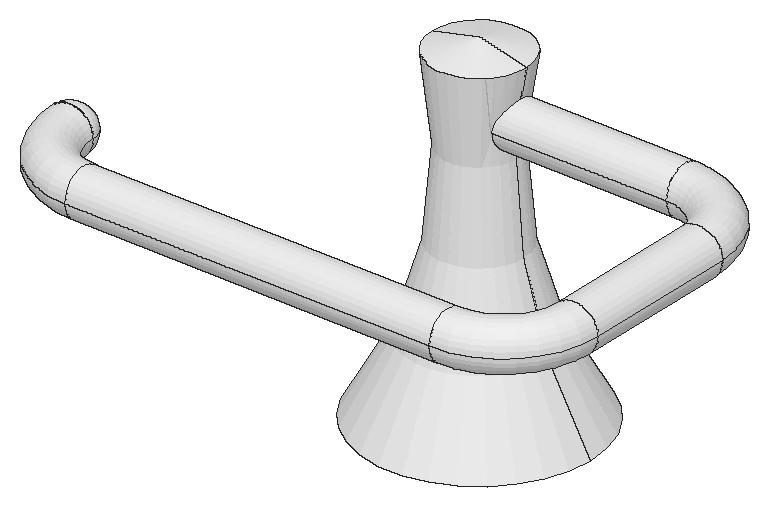
Revit family "Paper-Holder_Transitional_Nexus_YP794_TOTO", category Furniture, host Face, Revit 2013
Parameters
  ecoScorecard_data = " "
  ecoScorecard Product Page = "  "
  Width = 5 7/8"  # constant formula
  Warranty URL = "http://www.totousa.com/warranty-registration"
  Warranty = "Lifetime Limited Warranty (Residential Use), One Year Limited (Commercial Use)"  # constant formula
  URL = "http://www.totousa.com"
  Toto BIM Number = "BM-00004"  # constant formula
  Subcategory = "Accessories"  # constant formula
  Style = "Transitional"  # constant formula
  Spec Sheet URL = "http://assets.totousa.com/product-files/SS-00007_YB794_YP794_YC794_YR794.pdf"
  Shipping Weight = 0.80 lbf
  Series = "Nexus"
  Product Page URL = " "
  Parts Manual URL = " "
  Owners Manual URL = "  "
  Model = "YP794"  # constant formula
  Manufacturer Toll Free Phone = "1-888-295-8134"  # constant formula
  Manufacturer Phone = "(770) 282-8686 "  # constant formula
  Manufacturer Fax = "(770) 282-0002"  # constant formula
  Manufacturer Email = "mailto:custservice@totousa.com "
  Manufacturer Address = "1155 Southern Road, Morrow, Georgia 30260"  # constant formula
  Manufacturer = "TOTO USA, Inc."  # constant formula
  Height = 4 19/32"  # constant formula
  Finish = Metal - TOTO - Chrome - Polished
  Description = "Paper Holder"  # constant formula
  Depth = 3 5/8"  # constant formula
  Default Elevation = 24"  # constant formula
  Cost Info = "mailto:custservice@totousa.com "
  Color Availability = "#CP  Polished Chrome, #BN  Brushed Nickel, #PN  Polished Nickel"  # constant formula
  CAD Drawing URL = "http://assets.totousa.com/product-files/AD-00109_YP794.dxf"
  Assembly Code = "C1030220"
  95 CSI = "10800"
  04 CSI = "10 28 00"
Reference planes (in)
  plane 1 "Center (Front/Back)": y = 0
  plane 2: z = 0
  plane 3 "Center (Left/Right)": x = 0
  plane 4: z = 3.625
  plane 5 "Height": z = 2.9375
  plane 6: y = -3.15625
  plane 7: x = 3.1875
  plane 8: x = 2.9375
  plane 9: x = -2.6875
  plane 10: x = -2.4375
  plane 11: y = -3.40625
  plane 12: y = 1.1875
Lines and regions (in)
  Masking region 1
    outline origin (0, 0, 0) x (1, 0, 0) y (0, 0, 1)
      loop
        arc (-0.5, 3.50394) -> (-0.46347, 3.34663) -> (-0.43587, 3.1875) r 2.86346
        line (-0.43587, 3.1875) -> (-2.4375, 3.1875)
        arc (-2.4375, 3.1875) -> (-2.6875, 2.9375) -> (-2.4375, 2.6875) r 0.25
        line (-2.4375, 2.6875) -> (-0.39534, 2.6875)
        arc (-0.39534, 2.6875) -> (-0.57033, 1.27858) -> (-1.1875, 0) r 4.37252
        line (-1.1875, 0) -> (1.1875, 0)
        arc (1.1875, 0) -> (0.57033, 1.27858) -> (0.39534, 2.6875) r 4.37252
        line (0.39534, 2.6875) -> (2.9375, 2.6875)
        arc (2.9375, 2.6875) -> (3.1875, 2.9375) -> (2.9375, 3.1875) r 0.25
        line (2.9375, 3.1875) -> (0.44107, 3.1875)
        arc (0.44107, 3.1875) -> (0.46644, 3.34649) -> (0.5, 3.50394) r 3.10594
        arc (0.5, 3.50394) -> (0, 3.62626) -> (-0.5, 3.50394) r 1.08312
  symbolic lines
    curve 1: line (-0.44107, 0, 3.1875) -> (-0.39534, 0, 2.6875)
    curve 2: arc (0.44107, 0, 3.1875) -> (0.32699, 0, 2.94584) -> (0.39534, 0, 2.6875) r 0.3898
Dimensions and locks (in)
  "Depth": plane 4 to plane 2
  locked: plane 2 to plane 5 "Height" at 2.9375
  locked: plane 6 to plane 1 "Center (Front/Back)" at 3.15625
  "Height": plane 12 to plane 11
  "Width": plane 9 to plane 7
  Masking region 1 sketch curve to plane 5 "Height" to Masking region 1 sketch curve = 1/4" locked, 1/4" locked  (x2)
  Masking region 1 sketch curve to Masking region 1 sketch curve to plane 4 = 0" locked, 0.12106" locked
  locked: plane 3 "Center (Left/Right)" to plane 8 at 2.9375
  locked: plane 8 to plane 7 at 0.25
  locked: plane 9 to plane 10 at 0.25
  Masking region 1 sketch curve to Masking region 1 sketch curve to plane 3 "Center (Left/Right)" to Masking region 1 sketch curve to Masking region 1 sketch curve = 0.79216" locked, 0.39534" locked, 0.39534" locked, 0.79216" locked
  aligned and locked: plane 2 to host face
  aligned and locked: level to host face
  aligned and locked: plane 1 "Center (Front/Back)" to nested 1
  aligned and locked: plane 3 "Center (Left/Right)" to nested 1
Automatic sketch dimensions
  host sketch curve to host sketch curve = 23.18768"
  host sketch curve to host sketch curve = 23.72028"
  curve 1 to plane 3 "Center (Left/Right)" = 0.44107"
  plane 3 "Center (Left/Right)" to curve 2 = 0.39534"
  curve 2 to plane 5 "Height" = 1/4"
  plane 3 "Center (Left/Right)" to curve 2 = 0.44107"
  plane 5 "Height" to curve 2 = 0.02716"
  curve 2 to curve 2 = 0.27409"
  curve 1 to plane 5 "Height" = 1/4"
  curve 1 to plane 3 "Center (Left/Right)" = 0.39534"
  plane 5 "Height" to curve 1 = 1/4"
  Masking region 1 sketch curve to plane 10 = 0"
  Masking region 1 sketch curve to level = 0"
  Masking region 1 sketch curve to plane 3 "Center (Left/Right)" = 0"
  Masking region 1 sketch curve to plane 8 = 0"
  plane 5 "Height" to Masking region 1 sketch curve = 0.1596"  (x2)
  Masking region 1 sketch curve to plane 9 = 0.58238"
  plane 5 "Height" to Masking region 1 sketch curve = 0.42267"  (x2)
  Masking region 1 sketch curve to plane 3 "Center (Left/Right)" = 1/2"
  Masking region 1 sketch curve to Masking region 1 sketch curve = 0.05893"
  plane 5 "Height" to Masking region 1 sketch curve = 0.39436"
Nested families (in)
  nested 1: "YP794" at (0, 0, 0), type "YP794"
Definition of nested family "YP794"
  Parameters (values of type "YP794")
    Width = 5 7/8"  # constant formula
    URL = ""
    Shipping Weight = 0.80 lbf
    Model = "YP794"  # constant formula
    Manufacturer = ""
    Height = 4 19/32"  # constant formula
    Finish = Metal - TOTO - Chrome - Polished
    Description = "Paper Holder"  # constant formula
    Depth = 3 5/8"  # constant formula
    Default Elevation = 24"  # constant formula
    Assembly Code = ""
  Reference planes (in)
    plane 1 "Center (Front/Back)": y = 0
    plane 2: z = 0
    plane 3 "Center (Left/Right)": x = 0
    plane 4: z = 3.625
    plane 5 "Height": z = 2.9375
    plane 6: y = -3.15625
    plane 7: x = 3.1875
    plane 8: x = 2.9375
    plane 9: x = -2.6875
    plane 10: x = -2.4375
    plane 11: y = -3.40625
    plane 12: y = 1.1875
  Forms (in)
    Extrusion 1, solid
      sketch origin (0, 0, 0) x (1, 0, 0) y (0, 1, 0)
        loop
          line (-11, 11) -> (-11, -12.72028) -> (12.18768, -12.72028) -> (12.18768, 11) -> (-11, 11)
      from 0 to -2
    Revolve 2, solid, material "Metal - TOTO - Chrome - Polished" <- "Finish"
      sketch origin (0, 0, 0) x (1, 0, 0) y (0, 0, 1)
        loop
          line (0, 0) -> (0, 3.62894) -> (-0.5, 3.50394)
          arc (-0.5, 3.50394) -> (-0.4757, 1.67976) -> (-1.1875, 0) r 4.43689
          line (-1.1875, 0) -> (0, 0)
        axis (0, 3.62894) -> (0, 0)
      angle from 0 to 360
    Revolve 3, solid, material "Metal - TOTO - Chrome - Polished"
      sketch origin (0.25, 0, 2.9375) x (1, 0, 0) y (0, 1, 0)
        loop
          line (-2.6875, -2.40625) -> (-2.6875, -2.15625)
          arc (-2.6875, -2.15625) -> (-2.86428, -2.22947) -> (-2.9375, -2.40625) r 0.25
          line (-2.9375, -2.40625) -> (-2.6875, -2.40625)
        axis (-2.6875, -2.40625) -> (-2.6875, -2.15625)
      angle from 0 to 360
    Sweep 4, solid, material "Metal - TOTO - Chrome - Polished" <- "Finish"
      path origin (0, 0, 2.9375) x (0, -1, 0) y (1, 0, 0)
        loop
          line (0, 0) -> (0, 2.1875)
          arc (0, 2.1875) -> (0.21967, 2.71783) -> (0.75, 2.9375) r 0.75
          line (0.75, 2.9375) -> (2.40625, 2.9375)
          arc (2.40625, 2.9375) -> (2.93658, 2.71783) -> (3.15625, 2.1875) r 0.75
          line (3.15625, 2.1875) -> (3.15625, -1.6875)
          arc (3.15625, -1.6875) -> (2.93658, -2.21783) -> (2.40625, -2.4375) r 0.75
      profile origin (1.09375, 0, 2.9375) x (0, 1, 0) y (0, 0, 1)
        loop
          circle (0, 0) r 0.25
  Cuts and joins
    joined: Revolve 2, Sweep 4
  Lines and regions (in)
    symbolic lines
      curve 1: line (-0.44107, 0, 3.1875) -> (-0.39534, 0, 2.6875)
      curve 2: arc (0.44107, 0, 3.1875) -> (0.32699, 0, 2.94584) -> (0.39534, 0, 2.6875) r 0.3898
  Dimensions and locks (in)
    "Depth": plane 4 to plane 2
    locked: Revolve 2 sketch curve to level at 0
    locked: Revolve 2 sketch curve to plane 3 "Center (Left/Right)" at 0
    locked: plane 4 to Revolve 2 sketch curve at 0.12106
    locked: Revolve 2 sketch curve to plane 3 "Center (Left/Right)" at 0.5
    locked: Revolve 2 sketch curve to Revolve 2 sketch curve at 1.1875
    locked: Revolve 2 sketch curve to Revolve 2 sketch curve at 1.625
    locked: plane 2 to plane 5 "Height" at 2.9375
    locked: plane 5 "Height" to Revolve 2 sketch curve at 0.40348
    locked: plane 5 "Height" to Revolve 2 sketch curve at 0.43356
    locked: plane 6 to plane 1 "Center (Front/Back)" at 3.15625
    locked: Sweep 4 sketch curve to plane 5 "Height" at 0
    locked: Sweep 4 sketch curve to profile plane at 0
    equal spacing: Sweep 4 sketch curve, plane 1 "Center (Front/Back)", Sweep 4 sketch curve, locked at 0.25 each
    "Height": plane 12 to plane 11
    "Width": plane 9 to plane 7
    locked: Revolve 3 sketch curve to cut or joined group of Revolve 2, Sweep 4 at 0.25
    locked: Revolve 3 sketch curve to plane 10 at 0.25
    locked: plane 3 "Center (Left/Right)" to plane 8 at 2.9375
    locked: plane 8 to plane 7 at 0.25
    locked: plane 9 to plane 10 at 0.25
    aligned and locked: plane 2 to Extrusion 1
    aligned and locked: level to Extrusion 1
    aligned and locked: Revolve 3 sketch curve to Revolve 3 sketch curve
    aligned and locked: Revolve 3 to cut or joined group of Revolve 2, Sweep 4
    aligned and locked: plane 10 to Revolve 3 sketch curve
    aligned and locked: Sweep 4 sketch curve to plane 8
    aligned and locked: plane 6 to Sweep 4 sketch curve
    aligned and locked: plane 1 "Center (Front/Back)" to Sweep 4 sketch curve
  Automatic sketch dimensions
    Extrusion 1 sketch curve to Extrusion 1 sketch curve = 23.18768"
    Extrusion 1 sketch curve to Extrusion 1 sketch curve = 23.72028"
    Revolve 2 sketch curve to plane 3 "Center (Left/Right)" = 0"
    Revolve 2 sketch curve to plane 4 = 0.00394"
    Sweep 4 sketch curve to plane 3 "Center (Left/Right)" = 0"
    Sweep 4 sketch curve to plane 10 = 0"
    plane 6 to Sweep 4 sketch curve = 3/4"
    Sweep 4 sketch curve to Sweep 4 sketch curve = 3/4"
    plane 1 "Center (Front/Back)" to Sweep 4 sketch curve = 3/4"
    Revolve 3 sketch curve to Revolve 3 sketch curve = 0.0437"
    Revolve 3 sketch curve to Revolve 3 sketch curve = 0.09317"
    curve 1 to plane 3 "Center (Left/Right)" = 0.44107"
    plane 3 "Center (Left/Right)" to curve 2 = 0.39534"
    curve 2 to plane 5 "Height" = 1/4"
    plane 3 "Center (Left/Right)" to curve 2 = 0.44107"
    plane 5 "Height" to curve 2 = 0.02716"
    curve 2 to curve 2 = 0.27409"
    curve 1 to plane 5 "Height" = 1/4"
    curve 1 to plane 3 "Center (Left/Right)" = 0.39534"
    plane 5 "Height" to curve 1 = 1/4"
    radius of Sweep 4 sketch curve = 1/4"
